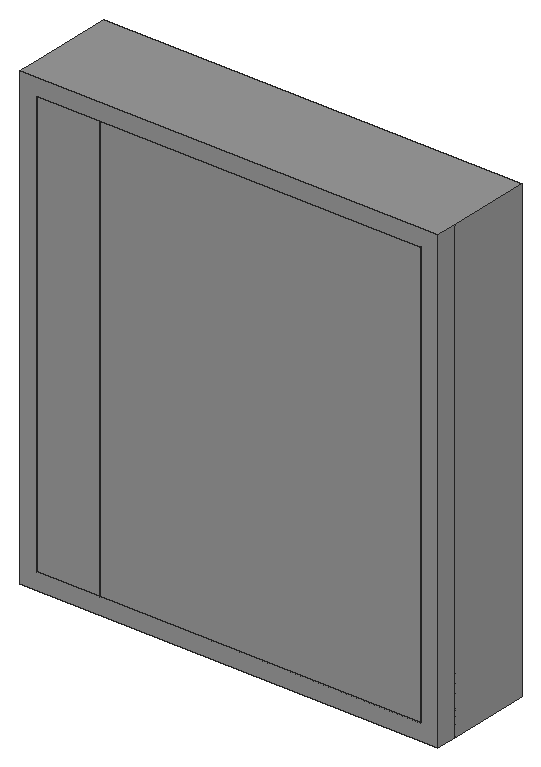
Revit family "P5B", category 櫥櫃, Revit 2023
Family settings
  OmniClass 編號 = 23.40.35.00
  OmniClass 標題 = Casework
  以工作平面為基礎 = 否
  總是垂直 = 是
  載入時使用空心切割 = 否
  共用 = 否
  房間計算點 = 否
Parameters
  預設高程 = 0 mm
  深度 = 250 mm
  高度 = 1100 mm
  寬度 = 1000 mm
Reference planes
  plane 1 "後": y = 0
  plane 2: z = 0
  plane 3 "中心 (左/右)": x = 44.7
  plane 4 "前": y = -250
  plane 5 "左": x = -455.3
  plane 6 "右": x = 544.7
  plane 7 "頂部": z = 1100
Forms (mm)
  Extrusion 1, solid, material "鐵、鍛造"
    sketch origin (0, 0, 0) x (1, 0, 0) y (0, 1, 0)
      loop
        line (-455.3, 0) -> (-455.3, -200) -> (-455.3, -220) -> (544.7, -220) -> (544.7, -200) -> (544.7, 0) -> (-455.3, 0)
    from 0 to 1100
  Extrusion 2, void
    sketch origin (-5, -250, -25) x (1, 0, 0) y (0, 0, 1)
      loop
        line (-375.3, 1085) -> (-375.3, 65) -> (474.7, 65) -> (474.7, 1085) -> (-375.3, 1085)
    from -30 to -218.722
  Extrusion 3, solid, material "鐵、鍛造"
    sketch origin (1.19, 0, 0) x (1, 0, 0) y (0, 1, 0)
      loop
        line (-416.49, -250) -> (-266.49, -250) -> (-266.49, -220) -> (-416.49, -220) -> (-416.49, -250)
    from 40 to 1060
  Extrusion 4, solid, material "鐵、鍛造"
    sketch origin (815.38, 0, 0) x (1, 0, 0) y (0, 1, 0)
      loop
        line (-1080.679, -250) -> (-310.679, -250) -> (-310.679, -220) -> (-1080.679, -220) -> (-1080.679, -250)
    from 40 to 1060
  Extrusion 5, solid, material "鐵、鍛造"
    sketch origin (0, -250, 0) x (1, 0, 0) y (0, 0, 1)
      loop
        line (-455.3, 1100) -> (-455.3, 0) -> (544.7, 0) -> (544.7, 1100) -> (-455.3, 1100)
      loop
        line (-415.3, 1060) -> (-415.3, 40) -> (504.7, 40) -> (504.7, 1060) -> (-415.3, 1060)
    from -30 to 0
Cuts and joins
  Extrusion 2 cuts Extrusion 1
  joined: Extrusion 1, Extrusion 5
Dimensions and locks
  "寬度": plane 6 "右" to plane 5 "左"
  equal spacing: plane 6 "右", plane 3 "中心 (左/右)", plane 5 "左"
  "深度": plane 4 "前" to plane 1 "後"
  "高度": level to plane 7 "頂部"
  Extrusion 2 to level = 1060 mm
  aligned and locked: level to plane 2
Automatic sketch dimensions
  plane 5 "左" to Extrusion 2 sketch curve = 75 mm
  level to Extrusion 2 sketch curve = 40 mm
  Extrusion 2 sketch curve to plane 6 "右" = 75 mm
  plane 7 "頂部" to Extrusion 2 sketch curve = 40 mm
  plane 5 "左" to Extrusion 3 sketch curve = 40 mm
  plane 4 "前" to Extrusion 3 sketch curve = 0 mm
  Extrusion 3 sketch curve to plane 4 "前" = 30 mm
  plane 5 "左" to Extrusion 3 sketch curve = 190 mm
  plane 4 "前" to Extrusion 4 sketch curve = 0 mm
  Extrusion 4 sketch curve to plane 6 "右" = 40 mm
  Extrusion 4 sketch curve to Extrusion 4 sketch curve = 770 mm
  Extrusion 4 sketch curve to plane 4 "前" = 30 mm
  plane 1 "後" to Extrusion 1 sketch curve = 0 mm
  Extrusion 1 sketch curve to plane 5 "左" = 0 mm
  Extrusion 1 sketch curve to plane 6 "右" = 0 mm
  Extrusion 1 sketch curve to plane 4 "前" = 30 mm
  Extrusion 1 sketch curve to plane 4 "前" = 50 mm  (x2)
  Extrusion 5 sketch curve to level = 0 mm
  Extrusion 5 sketch curve to plane 5 "左" = 0 mm
  Extrusion 5 sketch curve to plane 6 "右" = 0 mm
  Extrusion 5 sketch curve to plane 7 "頂部" = 0 mm
  plane 5 "左" to Extrusion 5 sketch curve = 40 mm
  Extrusion 5 sketch curve to plane 6 "右" = 40 mm
  level to Extrusion 5 sketch curve = 40 mm
  plane 7 "頂部" to Extrusion 5 sketch curve = 40 mm
